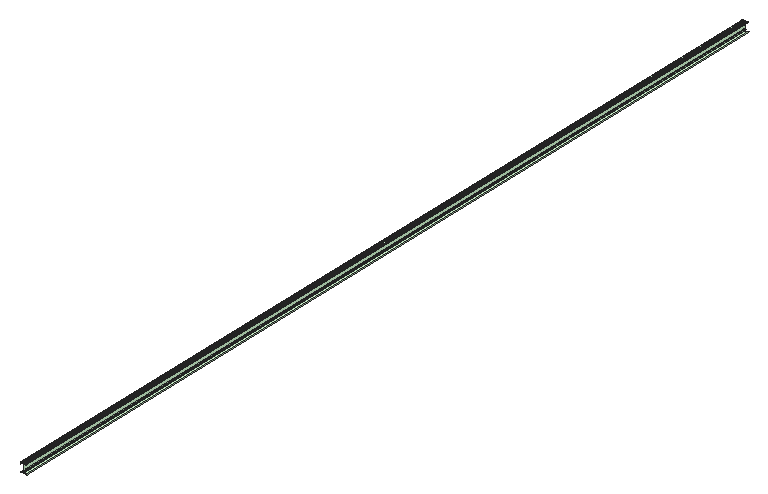
Revit family "Hバー30", category 機械設備, Revit 2020
Family settings
  丸型コネクタ寸法 = 直径を使用
  種別 = なし
  パーツ タイプ = 標準
  作業面ベース = いいえ
  常に垂直 = はい
  ロード時にボイドで切り取り = いいえ
  共有 = いいえ
  部屋計算ポイント = いいえ
Parameters
  製造元 = "株式会社桐井製作所"
  既定の高さ = 0 mm
  URL = "https://www.kirii.co.jp/"
  K_長さ(mm) = 3000 mm
  K_材質 = "溶融亜鉛めっき鋼板及び鋼帯SGCC　一般用"
  K_品名 = "Hバー30"
  K_名称 = "Hバー"
  K_入数 = "10"
  K_バージョン情報 = "20220915"
  K_めっき付着量 = "Z12"
  K_JIS規格 = "JIS G 3302"
Reference planes
  plane 1 "中心(正面/背面)": y = 0
  plane 2: z = 0
  plane 3 "中心(左/右)": x = 0
  plane 4: y = 3000
Forms (mm)
  Extrusion 1, solid
    sketch origin (0, 0, 7.1) x (-1, 0, 0) y (0, 0, 1)
      loop
        arc (-3.032, 22.9) -> (-3.209, 22.038) -> (-4, 21.65) r 1
        arc (-4, 21.65) -> (-4.791, 22.038) -> (-4.968, 22.9) r 1
        line (-4.968, 22.9) -> (-7.5, 22.9)
        arc (-7.5, 22.9) -> (-7.854, 22.754) -> (-8, 22.4) r 0.5
        line (-8, 22.4) -> (-8, 19.9) -> (-7.5, 19.186) -> (-7.5, 22.4) -> (-5.479, 22.4)
        arc (-5.479, 22.4) -> (-4.968, 21.504) -> (-4, 21.15) r 1.5
        arc (-4, 21.15) -> (-3.032, 21.504) -> (-2.521, 22.4) r 1.5
        line (-2.521, 22.4) -> (-0.5, 22.4) -> (-0.5, -0.6) -> (-1.146, -1.246)
        arc (-1.146, -1.246) -> (-1.293, -1.6) -> (-1.146, -1.954) r 0.5
        line (-1.146, -1.954) -> (-0.5, -2.6) -> (-0.5, -5.6) -> (-10, -5.6)
        arc (-10, -5.6) -> (-10.75, -6.35) -> (-10, -7.1) r 0.75
        line (-10, -7.1) -> (0, -7.1) -> (10, -7.1)
        arc (10, -7.1) -> (10.75, -6.35) -> (10, -5.6) r 0.75
        line (10, -5.6) -> (0.5, -5.6) -> (0.5, -2.6) -> (1.146, -1.954)
        arc (1.146, -1.954) -> (1.293, -1.6) -> (1.146, -1.246) r 0.5
        line (1.146, -1.246) -> (0.5, -0.6) -> (0.5, 22.4) -> (2.521, 22.4)
        arc (2.521, 22.4) -> (3.032, 21.504) -> (4, 21.15) r 1.5
        arc (4, 21.15) -> (4.968, 21.504) -> (5.479, 22.4) r 1.5
        line (5.479, 22.4) -> (7.5, 22.4) -> (7.5, 19.186) -> (8, 19.9) -> (8, 22.4)
        arc (8, 22.4) -> (7.854, 22.754) -> (7.5, 22.9) r 0.5
        line (7.5, 22.9) -> (4.968, 22.9)
        arc (4.968, 22.9) -> (4.791, 22.038) -> (4, 21.65) r 1
        arc (4, 21.65) -> (3.209, 22.038) -> (3.032, 22.9) r 1
        line (3.032, 22.9) -> (0.5, 22.9)
        arc (0.5, 22.9) -> (0.146, 22.754) -> (0, 22.4) r 0.5
        arc (0, 22.4) -> (-0.146, 22.754) -> (-0.5, 22.9) r 0.5
        line (-0.5, 22.9) -> (-3.032, 22.9)
      loop
        line (0, -0.807) -> (-0.793, -1.6) -> (0, -2.393) -> (0.793, -1.6) -> (0, -0.807)
    from 0 to 3000
Dimensions and locks
  plane 4 to plane 1 "中心(正面/背面)" = 3000 mm
  aligned and locked: level to plane 2
  aligned and locked: plane 4 to Extrusion 1
